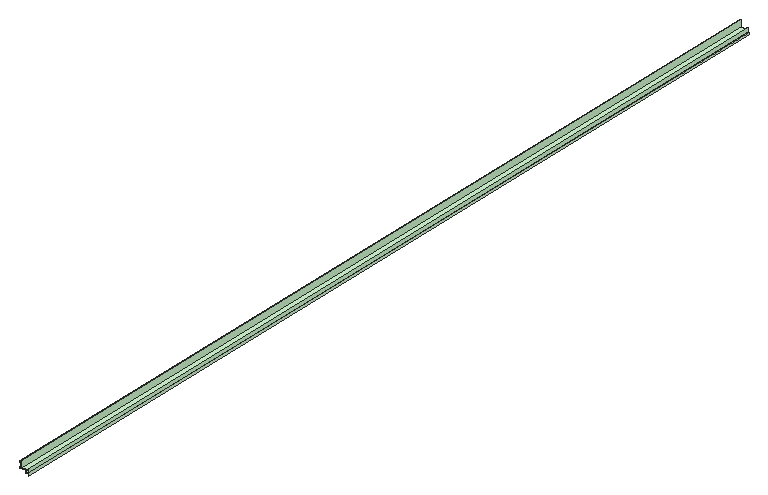
Revit family "eaa3881o_out", category 機械設備, Revit 2022
Family settings
  丸型コネクタ寸法 = 直径を使用
  種別 = なし
  パーツ タイプ = 標準
  作業面ベース = いいえ
  常に垂直 = はい
  ロード時にボイドで切り取り = いいえ
  注釈の向きを維持 = いいえ
  共有 = いいえ
  部屋計算ポイント = いいえ
Parameters
  製造元 = "株式会社桐井製作所"
  既定の高さ = 0 mm
  URL = "https://www.kirii.co.jp/"
  K_長さ(mm) = 3200 mm
  K_材質 = "アルミ押出形材　A6063S-T5"
  K_品名 = "点検口バー(外)eAA3881o"
  K_名称 = "点検口バー"
  K_入数 = "20"
  K_バージョン情報 = "20220915"
Reference planes
  plane 1 "中心(正面/背面)": y = 0
  plane 2: z = 0
  plane 3 "中心(左/右)": x = 0
  plane 4: y = 3200
Forms (mm)
  Extrusion 1, solid
    sketch origin (0, 0, 0) x (1, 0, 0) y (0, 0, 1)
      loop
        line (-3, 18.5) -> (-3, 20.5) -> (-1.5, 20.5) -> (-1.5, 1.5) -> (-3, 1.5) -> (-3, 3) -> (-4, 3) -> (-4, 0) -> (24.5, 0) -> (24.5, -7) -> (15.165, -7)
        arc (15.165, -7) -> (15.12, -8.024) -> (16, -8.55) r 1
        line (16, -8.55) -> (25, -8.55) -> (25, -15.7) -> (26.5, -15.7) -> (26.5, -7.5)
        arc (26.5, -7.5) -> (26.354, -7.146) -> (26, -7) r 0.5
        line (26, -7) -> (26, 6.5) -> (24.5, 6.5) -> (24.5, 1.5) -> (0, 1.5) -> (0, 22) -> (-4, 22) -> (-4, 18.5) -> (-3, 18.5)
    from 0 to -3200
Dimensions and locks
  plane 4 to plane 1 "中心(正面/背面)" = 3200 mm
  aligned and locked: level to plane 2
